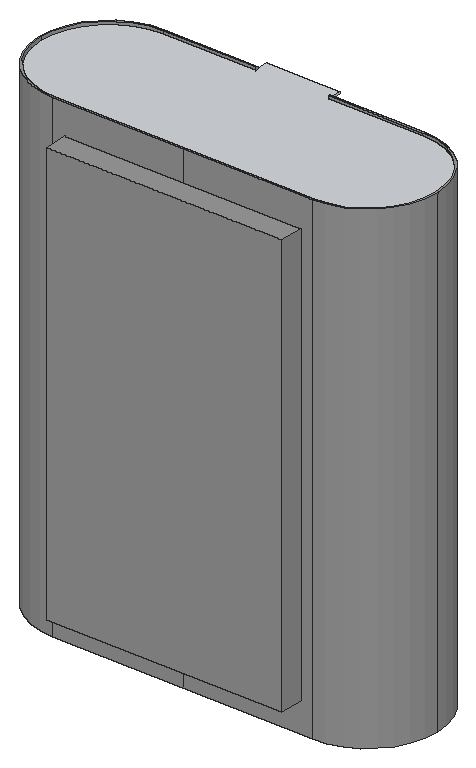
Revit family "3310 Björk_Sanitary bin", category Furniture Systems, host Wall, Revit 2018
Family settings
  Host = Wall
  Round Connector Dimension = Use Diameter
  Part Type = Normal
  Always vertical = Yes
  Cut with Voids When Loaded = No
  Shared = No
  Room Calculation Point = No
Parameters (values of type "BLACK")
  URL = "http://www.dandryer.com/"
  Surface Top = RAL FARVE
  Surface Frame = RAL FARVE
  Surface Bottom = RAL FARVE
  Open = no
  Offset from floor = 150 mm
  Manufacturer = "Dan Dryer A/S"
  Description = "Sanitary bin"
  Closed = yes
Reference planes
  plane 1 "Wall": y = 0
  plane 2 "Center (Left/Right)": x = 125
  plane 3 "Back": y = 75
Text (mm)
  text "Placement Side" at (-1848.837, 1116.779, 0), in view "Ref. Level"
  text "Placement side" at (0, 1409.804, 2854.306), in view "Left"
  text "Placement side" at (0, 499.811, 2980.732), in view "Right"
Dimensions and locks
  locked: plane 3 "Back" to host wall
  "Offset from floor": nested 1 to level
  aligned and locked: plane 1 "Wall" to host wall
  aligned and locked: plane 3 "Back" to nested 1
Nested families
  nested 1: "Master Björk Sanitary bin" at (125, 151.5, 150) x (-1, 0, 0) z (0, 0, 1), type "Master Björk Sanitary bin"
    with Open no
Definition of nested family "Master Björk Sanitary bin"
  Parameters (values of type "Master Björk Sanitary bin")
    Surface Top = none
    Surface Frame = none
    Surface Bottom = none
    Open = yes
    Closed = yes
  Reference planes
    plane 1 "Center (Front/Back)": y = 0
    plane 2: z = 0
    plane 3 "Center (Left/Right)": x = 0
  Dimensions and locks
    aligned and locked: level to plane 2
  Nested families
    nested 1: "Top - Bottom" at (0, 0, 0), visible <- "Closed", type "Top - Bottom"
    nested 2: "Frame" at (0, 0, 0), type "Frame"
    nested 3: "Top - Bottom Open" at (0, 0, 0), visible <- "Open", type "Top - Bottom Open"
  Definition of nested family "Top - Bottom"
    Parameters (values of type "Top - Bottom")
      Surface Frame = none
      Surface Bottom = none
    Reference planes
      plane 1 "Center (Front/Back)": y = 0
      plane 2: z = 0
      plane 3 "Center (Left/Right)": x = 0
    Forms (mm)
      Extrusion 1, solid, material <- "Surface Bottom"
        sketch origin (0, 129.723, 20) x (0, -1, 0) y (1, 0, 0)
          loop
            arc (73.723, -107.5) -> (90.125, -147.098) -> (129.723, -163.5) r 56
            arc (129.723, -163.5) -> (169.321, -147.098) -> (185.723, -107.5) r 56
            line (185.723, -107.5) -> (185.723, 107.5)
            arc (185.723, 107.5) -> (169.321, 147.098) -> (129.723, 163.5) r 56
            arc (129.723, 163.5) -> (90.125, 147.098) -> (73.723, 107.5) r 56
            line (73.723, 107.5) -> (73.723, -107.5)
        from 0 to 1.5
      Extrusion 2, solid
        sketch origin (0, 129.723, 396.5) x (0, -1, 0) y (1, 0, 0)
          loop
            arc (73.723, -107.5) -> (90.125, -147.098) -> (129.723, -163.5) r 56
            arc (129.723, -163.5) -> (169.321, -147.098) -> (185.723, -107.5) r 56
            line (185.723, -107.5) -> (185.723, -30) -> (197.223, -30) -> (197.223, 0) -> (197.223, 30) -> (185.723, 30) -> (185.723, 107.5)
            arc (185.723, 107.5) -> (169.321, 147.098) -> (129.723, 163.5) r 56
            arc (129.723, 163.5) -> (90.125, 147.098) -> (73.723, 107.5) r 56
            line (73.723, 107.5) -> (73.723, -107.5)
        from 0 to 1.5
    Lines and regions (mm)
      reference lines
        curve 1: line (0, 129.723, 396.5) -> (0, -190.277, 396.5)
        curve 2: line (0, 129.723, 20) -> (0, -150.277, 20)
    Dimensions and locks
      aligned and locked: level to plane 2
  Definition of nested family "Frame"
    Parameters (values of type "Frame")
      Surface Top = none
      Surface Frame = none
      Surface Bottom = none
    Reference planes
      plane 1 "Center (Front/Back)": y = 0
      plane 2: z = 0
      plane 3 "Center (Left/Right)": x = 0
    Forms (mm)
      Extrusion 1, solid, material <- "Surface Frame"
        sketch origin (0, 0, 0) x (1, 0, 0) y (0, 1, 0)
          loop
            line (0, 57.5) -> (-107.5, 57.5)
            arc (-107.5, 57.5) -> (-148.159, 40.659) -> (-165, 0) r 57.5
            arc (-165, 0) -> (-148.159, -40.659) -> (-107.5, -57.5) r 57.5
            line (-107.5, -57.5) -> (0, -57.5) -> (107.5, -57.5)
            arc (107.5, -57.5) -> (148.159, -40.659) -> (165, 0) r 57.5
            arc (165, 0) -> (148.159, 40.659) -> (107.5, 57.5) r 57.5
            line (107.5, 57.5) -> (0, 57.5)
          loop
            arc (-107.5, 56) -> (-147.098, 39.598) -> (-163.5, 0) r 56
            arc (-163.5, 0) -> (-147.098, -39.598) -> (-107.5, -56) r 56
            line (-107.5, -56) -> (107.5, -56)
            arc (107.5, -56) -> (147.098, -39.598) -> (163.5, 0) r 56
            arc (163.5, 0) -> (147.098, 39.598) -> (107.5, 56) r 56
            line (107.5, 56) -> (-107.5, 56)
        from 0 to 400
      Extrusion 2, solid, material <- "Surface Frame"
        sketch origin (0, 57.5, 0) x (-1, 0, 0) y (0, 0, 1)
          loop
            line (-97.5, 375) -> (-97.5, 25) -> (97.5, 25) -> (97.5, 375) -> (-97.5, 375)
        from 0 to 19
      Extrusion 3, void
        sketch origin (0, 0, 0) x (1, 0, 0) y (0, 1, 0)
          loop
            line (-30, -53.768) -> (-30, -68.768) -> (30, -68.768) -> (30, -53.768) -> (-30, -53.768)
        from 396.5 to 403.782
    Cuts and joins
      Extrusion 3 cuts Extrusion 1
    Dimensions and locks
      cut or joined group of Extrusion 1, Extrusion 3 to cut or joined group of Extrusion 1, Extrusion 3 = 3.5 mm
      aligned and locked: level to plane 2
  Definition of nested family "Top - Bottom Open"
    Parameters (values of type "Top - Bottom Open")
      Surface Frame = none
      Surface Bottom = none
    Reference planes
      plane 1 "Center (Front/Back)": y = 0
      plane 2: z = 0
      plane 3 "Center (Left/Right)": x = 0
    Forms (mm)
      Extrusion 1, solid, material <- "Surface Bottom"
        sketch origin (0, 129.723, 20) x (0, -1, 0) y (1, 0, 0)
          loop
            arc (73.723, -107.5) -> (90.125, -147.098) -> (129.723, -163.5) r 56
            arc (129.723, -163.5) -> (169.321, -147.098) -> (185.723, -107.5) r 56
            line (185.723, -107.5) -> (185.723, 107.5)
            arc (185.723, 107.5) -> (169.321, 147.098) -> (129.723, 163.5) r 56
            arc (129.723, 163.5) -> (90.125, 147.098) -> (73.723, 107.5) r 56
            line (73.723, 107.5) -> (73.723, -107.5)
        from 0 to 1.5
      Extrusion 2, solid
        sketch origin (0, 54.5, 324.277) x (0, 0, 1) y (1, 0, 0)
          loop
            arc (73.723, -107.5) -> (90.125, -147.098) -> (129.723, -163.5) r 56
            arc (129.723, -163.5) -> (169.321, -147.098) -> (185.723, -107.5) r 56
            line (185.723, -107.5) -> (185.723, -30) -> (197.223, -30) -> (197.223, 0) -> (197.223, 30) -> (185.723, 30) -> (185.723, 107.5)
            arc (185.723, 107.5) -> (169.321, 147.098) -> (129.723, 163.5) r 56
            arc (129.723, 163.5) -> (90.125, 147.098) -> (73.723, 107.5) r 56
            line (73.723, 107.5) -> (73.723, -107.5)
        from 0 to 1.5
    Lines and regions (mm)
      reference lines
        curve 1: line (0, 129.723, 396.5) -> (0, -190.277, 396.5)
        curve 2: line (0, 129.723, 20) -> (0, -150.277, 20)
    Dimensions and locks
      aligned and locked: level to plane 2
